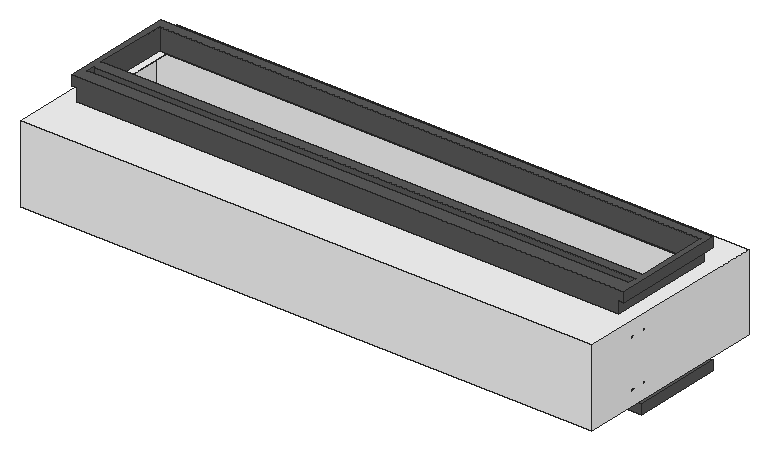
Revit family "C Series - C1220STIO - Front Intake", category Generic Models, host Face, Revit 2019
Family settings
  Host = Face
  Can host rebar = No
  Round Connector Dimension = Use Diameter
  Part Type = Normal
  Cut with Voids When Loaded = Yes
  Shared = Yes
  Room Calculation Point = No
Parameters (values of type "As Specified")
  URL = "https://www.montigo.com/"
  Top Offset Right = 0"
  Top Offset Left = 0"
  Manufacturer Website = "https://www.montigo.com/"
  Manufacturer Phone - Toll Free = "800-378-3115"
  Manufacturer Phone = ""
  Manufacturer Fax = ""
  Manufacturer Address = "27342 Gloucester Way  Langley, BC, Canada   V4W 4A1"
  Manufacturer = "Montigo"
  Length = 156 3/16"
  Intake Duct Offset = 6"
  Height = 53 113/256"
  HVAC_Exit Diameter = 8"
  HVAC_Entry Diameter = 7"
  HVAC_BTU Output = 0.0 Btu/h
  HVAC_BTU Input = 0.0 Btu/h
  Glazing Tint = Glass - Montigo - Tint as Specified
  Frame Material = Metal - Montigo - Black
  Firebox Material = Metal - Montigo - White
  Fire Place Opening Length = 43"
  Fire Place Opening = 30 1/2"
  Description = "Montigo Fireplace as Specified"
  Depth = 20 225/256"
  Default Elevation = 48"
  COOLPack Consumption = 1200 CFM
  Base Offset Right = 9"
  Base Offset Left = 9"
  Base Offset = 1"
  Base Height = 14 49/256"
  Assembly Code = "D3020"
Reference planes (in)
  plane 1 "Center (Front/Back)": y = 0
  plane 2: z = 0
  plane 3 "Center (Left/Right)": x = 0
  plane 4: x = -78.09375
  plane 5: x = 78.09375
  plane 6: y = 26.7207
  plane 7: y = -26.7207
  plane 8: y = -12.5293
  plane 9: z = 0
  plane 10: z = -20.87891
  plane 11: z = -10.43945
  plane 12: x = -75.5
  plane 13: x = 75.5
  plane 14: y = 17.9707
Forms (in)
  Extrusion 1, solid, material "Metal - Montigo - White" <- "Firebox Material"
    sketch origin (-60.41868, -180, 0) x (-1, 0, 0) y (0, -1, 0)
      loop
        line (17.67507, -206.7207) -> (17.67507, -153.2793) -> (-138.51243, -153.2793) -> (-138.51243, -206.7207) -> (17.67507, -206.7207)
    from 0 to -20.87891
  Extrusion 2, solid, material "Metal - Montigo - Black" <- "Frame Material"
    sketch origin (-60.41868, -180, 0) x (-1, 0, 0) y (0, -1, 0)
      loop
        line (15.08132, -197.9707) -> (15.08132, -167.4707) -> (-135.91868, -167.4707) -> (-135.91868, -197.9707) -> (15.08132, -197.9707)
    from 0 to 6
  Sweep 3, void
    path in 3D
      loop
        line (75.5, -12.5293, 6) -> (75.5, 17.9707, 6) -> (-75.5, 17.9707, 6) -> (-75.5, -12.5293, 6)
    profile origin (75.5, 2.7207, 6) x (-1, 0, 0) y (0, 0, 1)
      loop
        line (0, -6) -> (1.375, -6) -> (1.375, -2.75) -> (0, -2.75) -> (0, -6)
  Extrusion 4, void
    sketch origin (-60.41868, -180, 0) x (0, -1, 0) y (-1, 0, 0)
      loop
        line (-196.4082, 15.08132) -> (-196.4082, -135.91868) -> (-174.9082, -135.91868) -> (-174.9082, 15.08132) -> (-196.4082, 15.08132)
    from 0.125 to 20.75
  Extrusion 5, void
    sketch origin (-60.41868, -181.80859, 0) x (0, -1, 0) y (-1, 0, 0)
      loop
        line (-197.52539, 13.58132) -> (-197.52539, -134.41868) -> (-177.52539, -134.41868) -> (-177.52539, 13.58132) -> (-197.52539, 13.58132)
    from -6 to 0
  Extrusion 6, void
    sketch origin (-60.41868, -180, 0) x (0, -1, 0) y (-1, 0, 0)
      loop
        line (-195.71679, 11.58132) -> (-195.71679, -132.41868) -> (-175.7168, -132.41868) -> (-175.7168, 11.58132) -> (-195.71679, 11.58132)
    from -1 to 1
  Extrusion 7, void
    sketch origin (-60.41868, -180, 0) x (0, -1, 0) y (-1, 0, 0)
      loop
        line (-173.4082, 13.58132) -> (-173.4082, -134.41868) -> (-171.0332, -134.41868) -> (-171.0332, 13.58132) -> (-173.4082, 13.58132)
    from -6 to -3.25
  Extrusion 8, void
    sketch origin (0, -1.69589, -0.88973) x (0, 1, 0) y (0, 0, 1)
      loop
        circle (-11.27091, -16.05168) r 0.4375
      loop
        circle (-7.27091, -16.05168) r 0.4375
      loop
        circle (-11.27091, -3.05168) r 0.4375
      loop
        circle (-7.27091, -3.05168) r 0.4375
    from 78.09375 to 77.46962
  Extrusion 9, solid, material "Metal - Montigo - Black" <- "Frame Material"
    sketch origin (-60.41868, -180, -20.87891) x (0, 1, 0) y (1, 0, 0)
      loop
        line (197.9707, -15.08132) -> (197.9707, 135.91868) -> (173.4707, 135.91868) -> (173.4707, -15.08132) -> (197.9707, -15.08132)
    from 0 to 6
  Sweep 10, void
    path in 3D
      loop
        line (75.5, -12.5293, -26.87891) -> (75.5, 17.9707, -26.87891) -> (-75.5, 17.9707, -26.87891) -> (-75.5, -12.5293, -26.87891)
    profile origin (75.5, 2.7207, -26.87891) x (1, 0, 0) y (0, 0, -1)
      loop
        line (0, -6) -> (0, -2.75) -> (-1.375, -2.75) -> (-1.375, -6) -> (0, -6)
  Extrusion 11, void
    sketch origin (-60.41868, -181.80859, -20.87891) x (1, 0, 0) y (0, 1, 0)
      loop
        line (-13.58132, 197.52539) -> (-13.58132, 177.52539) -> (134.41868, 177.52539) -> (134.41868, 197.52539) -> (-13.58132, 197.52539)
    from -6 to 0
  Extrusion 12, void
    sketch origin (-60.41868, -180, -20.87891) x (1, 0, 0) y (0, 1, 0)
      loop
        line (-11.58132, 195.71679) -> (-11.58132, 175.7168) -> (132.41868, 175.7168) -> (132.41868, 195.71679) -> (-11.58132, 195.71679)
    from -1 to 1
Cuts and joins
  Sweep 3, Extrusion 4, Extrusion 5, Extrusion 7, Sweep 10, Extrusion 11, Extrusion 12 cuts Extrusion 2
  Extrusion 4, Extrusion 5, Extrusion 6, Extrusion 7, Extrusion 8, Sweep 10, Extrusion 11, Extrusion 12 cuts Extrusion 1
  Sweep 10, Extrusion 11 cuts Extrusion 9
Lines and regions (in)
  symbolic lines
    curve 1: line (74.125, 54.21644, 0) -> (74.125, 50.96644, 0)
    curve 2: line (74.125, 50.96644, 0) -> (75.5, 50.96644, 0)
    curve 6: line (74, 16.4082, 0) -> (74, -3.2832, 0)
    curve 7: line (-74, -3.2832, 0) -> (-74, 16.4082, 0)
  sketch lines
    curve 3: line (75.5, -12.5293, 6) -> (75.5, 17.9707, 6)
    curve 4: line (75.5, 17.9707, 6) -> (-75.5, 17.9707, 6)
    curve 5: line (-75.5, 17.9707, 6) -> (-75.5, -12.5293, 6)
    curve 8: line (75.5, -12.5293, -26.87891) -> (75.5, 17.9707, -26.87891)
    curve 9: line (75.5, 17.9707, -26.87891) -> (-75.5, 17.9707, -26.87891)
    curve 10: line (-75.5, 17.9707, -26.87891) -> (-75.5, -12.5293, -26.87891)
Dimensions and locks (in)
  equal spacing: plane 4, plane 3 "Center (Left/Right)", plane 5
  "Length": plane 4 to plane 5
  equal spacing: plane 7, plane 1 "Center (Front/Back)", plane 6
  "Height": plane 7 to plane 6
  "Base Height": plane 7 to plane 8
  "Depth": plane 9 to plane 10
  equal spacing: plane 9, plane 11, plane 10
  locked: plane 4 to plane 12 at 2.59375
  locked: plane 13 to plane 5 at 2.59375
  "Fire Place Opening": plane 8 to plane 14
  locked: Extrusion 4 sketch curve to plane 8 at 7.4375
  locked: Extrusion 4 sketch curve to plane 14 at 1.5625
  locked: plane 8 to cut or joined group 1 (Extrusion 1, Extrusion 4, Extrusion 5, Extrusion 6, Extrusion 7, Extrusion 8, Sweep 10, Extrusion 11, Extrusion 12) at 7.4375
  locked: cut or joined group 1 to plane 14 at 1.5625
  locked: plane 12 to Extrusion 5 sketch curve at 1.5
  locked: Extrusion 5 sketch curve to plane 13 at 1.5
  locked: plane 12 to Extrusion 6 sketch curve at 3.5
  locked: Extrusion 6 sketch curve to plane 13 at 3.5
  Extrusion 6 sketch curve to plane 14 = 2 65/256"
  locked: Extrusion 6 sketch curve to plane 8 at 8.24609
  locked: plane 12 to Extrusion 7 sketch curve at 1.5
  locked: Extrusion 7 sketch curve to plane 13 at 1.5
  locked: plane 8 to Extrusion 7 sketch curve at 5.9375
  locked: plane 8 to Extrusion 7 sketch curve at 3.5625
  locked: cut or joined group 1 to plane 5 at 0.62413
  cut or joined group of Extrusion 2, Sweep 3, Extrusion 4, Extrusion 5, Extrusion 7, Sweep 10, Extrusion 11, Extrusion 12 to cut or joined group of Extrusion 2, Sweep 3, Extrusion 4, Extrusion 5, Extrusion 7, Sweep 10, Extrusion 11, Extrusion 12 = 20"
  aligned and locked: plane 2 to host face
  aligned and locked: level to host face
  aligned and locked: Extrusion 1 sketch curve to plane 6
  aligned and locked: Extrusion 1 to plane 10
  aligned and locked: plane 5 to Extrusion 1
  aligned and locked: Extrusion 1 sketch curve to plane 7
  aligned and locked: plane 9 to level
  aligned and locked: plane 14 to Extrusion 2 sketch curve
  aligned and locked: plane 12 to Extrusion 2 sketch curve
  aligned and locked: Extrusion 2 sketch curve to plane 8
  aligned and locked: plane 13 to Extrusion 2 sketch curve
  aligned and locked: Extrusion 2 to level
  aligned and locked: plane 12 to Extrusion 4 sketch curve
  aligned and locked: plane 13 to Extrusion 4 sketch curve
  aligned and locked: Extrusion 2 to Extrusion 5
  aligned and locked: Extrusion 5 to level
  aligned and locked: Extrusion 2 to Extrusion 7
  aligned and locked: Extrusion 7 to Sweep 3
  aligned and locked: Extrusion 8 to cut or joined group 1
Automatic sketch dimensions
  host sketch curve to host sketch curve = 96"  (x2)
  Extrusion 1 sketch curve to plane 5 = 0"
  Extrusion 1 sketch curve to plane 4 = 0"
  curve 2 to plane 13 = 0"
  plane 13 to curve 2 = 1 3/8"
  curve 2 to plane 6 = 24.24574"
  plane 13 to curve 6 = 1 1/2"
  plane 12 to curve 7 = 1 1/2"
  curve 1 to curve 1 = 3 1/4"
  plane 14 to curve 7 = 1 9/16"
  plane 14 to curve 6 = 1 9/16"
  plane 1 "Center (Front/Back)" to curve 7 = 3.2832"
  plane 1 "Center (Front/Back)" to curve 6 = 3.2832"
  Sweep 3 sketch curve to profile plane = 0"
  Sweep 3 sketch curve to Sweep 3 sketch curve = 1 3/8"
  Sweep 3 sketch curve to profile plane = 6"
  Sweep 3 sketch curve to profile plane = 2 3/4"
  plane 14 to Extrusion 5 sketch curve = 2 65/256"
  plane 1 "Center (Front/Back)" to Extrusion 5 sketch curve = 4.2832"
  plane 8 to Extrusion 8 sketch curve = 7/16"  (x2)
  Extrusion 8 sketch curve to plane 8 = 3 9/16"  (x2)
  plane 10 to Extrusion 8 sketch curve = 3 15/16"  (x2)
  Extrusion 8 sketch curve to level = 3 241/256"  (x2)
  Extrusion 9 sketch curve to plane 8 = 6"
  Extrusion 9 sketch curve to plane 12 = 0"
  plane 14 to Extrusion 9 sketch curve = 0"
  Extrusion 9 sketch curve to plane 13 = 0"
  profile plane to Sweep 10 sketch curve = 0"
  Sweep 10 sketch curve to Sweep 10 sketch curve = 1 3/8"
  Sweep 10 sketch curve to profile plane = 6"
  Sweep 10 sketch curve to profile plane = 2 3/4"
  plane 12 to Extrusion 11 sketch curve = 1 1/2"
  plane 13 to Extrusion 11 sketch curve = 1 1/2"
  plane 1 "Center (Front/Back)" to Extrusion 11 sketch curve = 4.2832"
  plane 14 to Extrusion 11 sketch curve = 2 65/256"
  plane 12 to Extrusion 12 sketch curve = 3 1/2"
  plane 13 to Extrusion 12 sketch curve = 3 1/2"
  plane 1 "Center (Front/Back)" to Extrusion 12 sketch curve = 4.2832"
  plane 14 to Extrusion 12 sketch curve = 2 65/256"
  radius of Extrusion 8 sketch curve = 7/16"  (x4)
